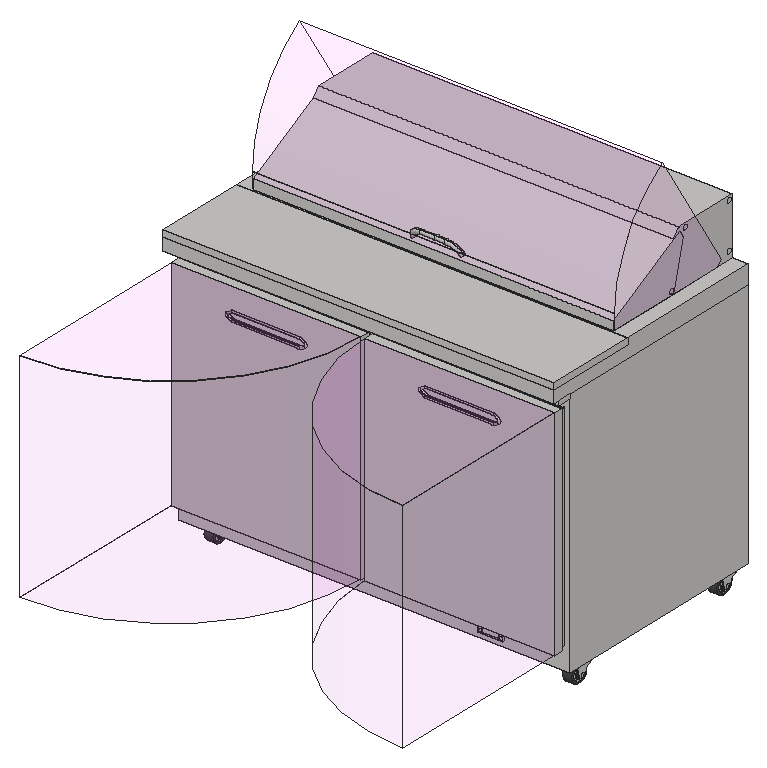
Revit family "QF_Kelvinator_738256_KCHST48.12", category Specialty Equipment, Revit 2021
Family settings
  Round Connector Dimension = Use Diameter
  Part Type = Normal
  Work Plane-Based = No
  Always vertical = Yes
  Cut with Voids When Loaded = No
  Shared = No
  Room Calculation Point = No
Parameters
  Weight in Pounds = 222.667
  Weight = 101.00 lbm
  Watts = 0 W
  Volts = 115 V
  URL Manufacturer = "KELVINATOR"
  URL Cutsheet = ""
  URL = "KELVINATOR"
  Specification by User = ""
  Specification by Manufacturer = ""
  Serial Number = ""
  Seismic Rating = ""
  SMACNA No = ""
  Revision Code = ""
  Refrigerant Type = "R290"
  Phase = 1
  Number of Poles = 1
  NAFEM Spec ID Number = ""
  Model = "KCHST48.12"
  Min Ckt Ampacity = 0 A
  Max Overcurrent Protection = 0 A
  Masterspec = ""
  Manufacturer = "Kelvinator"
  Length Actual = 1225"
  Length = 48 1/4"
  Item Number = "738256"
  Installed By = ""
  Identify Quantity as Lot = yes
  Height Actual = 1100"
  Height = 43 5/16"
  HP = "1 HP"
  Gas KW = 0
  Furnished By = ""
  Foodservice Equipment Identifier = yes
  FL Amps = 4.3 A
  Electrical Remarks = ""
  Electric Connection Type = ""
  Elec Conn RI Height = 0"
  Elec Conn Connection Height = 0"
  Description = "2-DOOR SANDWICH/SALAD PREP TABLE 48\" LONG 12-1/6 PAN"
  Depth Actual = 760"
  Depth = 29 15/16"
  Default Elevation = 0"
  Cycle = 60 Hz
  Conn Plug = "5-15P"
  Conn Conduit = yes
  CSI MasterFormat = ""
  Apparent Power = 0 VA
  Accessory = no
Reference planes (in)
  plane 1 "BACK": y = 0
  plane 2: z = 0
  plane 3 "LEFT": x = 0
  plane 4 "RIGHT": x = 48.25
  plane 5 "FRONT": y = -29.9375
  plane 6 "TOP": z = 43.3125
  plane 7 "Center Y": x = 24.125
  plane 8 "Center X": y = -14.96875
Dimensions and locks (in)
  equal spacing: plane 3 "LEFT", plane 7 "Center Y", plane 4 "RIGHT"
  "Length": plane 3 "LEFT" to plane 4 "RIGHT"
  equal spacing: plane 5 "FRONT", plane 8 "Center X", plane 1 "BACK"
  "Depth": plane 5 "FRONT" to plane 1 "BACK"
  "Height": plane 6 "TOP" to level
  aligned and locked: level to plane 2
Nested families (in)
  nested 1: "KCHST" at (0, 0, 0), type "KCHST"
    with Show Clearance yes
Connectors (in)
  electrical at (24.125, -0.87772, 2.31881), driven by "Volts", driven by "Watts"
    settings: on nested 1, index 1, voltage 115 V, apparent load 0 VA, apparent load phase1 0 VA, apparent load phase2 0 VA, apparent load phase3 0 VA, power factor 1, load classification "Power", number of poles 1, system type 30, power factor state 1, is connector primary yes, connector utility no, sub classification motor no, connector description "Electrical Connection"
Definition of nested family "KCHST"
  Parameters (values of type "KCHST")
    Weight in Pounds = 0
    URL Cutsheet = ""
    Specification by User = ""
    Specification by Manufacturer = ""
    Show Clearance [instance] = yes
    Serial Number = ""
    Seismic Rating = ""
    SMACNA No = ""
    Revision Code = ""
    NAFEM Spec ID Number = ""
    Masterspec = ""
    Length = 48 1/4"
    Item Number = ""
    Installed By = ""
    Identify Quantity as Lot = yes
    Height = 43 5/16"
    Furnished By = ""
    Foodservice Equipment Identifier = yes
    Depth = 29 15/16"
    Default Elevation = 0"
    CSI MasterFormat = ""
  Reference planes (in)
    plane 1 "BACK": y = 0
    plane 2: z = 0
    plane 3 "LEFT": x = 0
    plane 4 "RIGHT": x = 48.25
    plane 5 "FRONT": y = -29.9375
    plane 6 "TOP": z = 43.3125
    plane 7 "Center Y": x = 24.125
    plane 8 "Center X": y = -14.96875
    plane 9: z = 3.1
    plane 10: z = 33.9
    plane 11: y = -18.5
    plane 12: z = 36.2
    plane 13: y = -29.2
    plane 14: z = 32.4
    plane 15: z = 5.6
    plane 16: y = -27.5
    plane 17: x = 46.25
    plane 18: x = 2
    plane 19: x = 0.5
    plane 20: x = 47.75
    plane 21: x = 23.875
    plane 22: x = 0.74536
    plane 23: x = 23.62964
    plane 24: x = 12.1875
    plane 25: x = 47.50464
    plane 26: x = 24.62036
    plane 27: x = 36.0625
    plane 28: x = 46.375
    plane 29: x = 1.875
    plane 30: x = 46.305
    plane 31: x = 0.5
    plane 32: x = 47.75
    plane 33: x = 46.5
    plane 34: x = 1.728
  Forms (in)
    Extrusion 1, solid
      sketch origin (0, 0, 0) x (0, 1, 0) y (0, 0, 1)
        loop
          line (-27.5, 33.9) -> (-27.5, 3.1) -> (0, 3.1) -> (0, 33.9) -> (-27.5, 33.9)
      from 0 to 48.25
    Extrusion 2, solid
      sketch origin (0, 0, 0) x (0, 1, 0) y (0, 0, 1)
        loop
          line (-18.5, 36.2) -> (-18.5, 35.45) -> (-29.9375, 35.45) -> (-29.9375, 33.9) -> (0, 33.9) -> (0, 36.2) -> (-18.5, 36.2)
      from 0 to 48.25
    Extrusion 3, solid
      sketch origin (0, 0, 0) x (0, 1, 0) y (0, 0, 1)
        loop
          line (-29.9375, 36.2) -> (-29.9375, 35.45) -> (-18.5, 35.45) -> (-18.5, 36.2) -> (-29.9375, 36.2)
      from 0 to 48.25
    Extrusion 4, solid
      sketch origin (0, 0, 0) x (0, 1, 0) y (0, 0, 1)
        loop
          line (-18.25, 36.2) -> (-9.6566, 36.2003)
          arc (-9.6566, 36.2003) -> (-9.31626, 36.30019) -> (-9.07232, 36.55768) r 0.68096
          line (-9.07232, 36.55768) -> (-7.67285, 41.90557) -> (-8.10536, 42.719) -> (-18.25, 37.325) -> (-18.25, 36.2)
      from 1.875 to 46.375
    Extrusion 5, solid
      sketch origin (0, 0, 0) x (0, 1, 0) y (0, 0, 1)
        loop
          line (-9.65659, 36.2) -> (0, 36.2) -> (0, 43.3125) -> (-8.25, 43.3125) -> (-8.99785, 42.24445) -> (-8.10536, 42.719) -> (-7.67285, 41.90557) -> (-9.07232, 36.55768)
          arc (-9.07232, 36.55768) -> (-9.31626, 36.30019) -> (-9.65659, 36.2) r 0.68096
      from 1.945 to 46.305
    Extrusion 6, solid
      sketch origin (46.375, 0, 0) x (0, 1, 0) y (0, 0, 1)
        loop
          circle (-9.51178, 36.72547) r 0.25
      from 0 to 0.07437
    Extrusion 7, solid
      sketch origin (46.305, -0.03482, 0) x (0, 1, 0) y (0, 0, 1)
        loop
          circle (-0.51178, 37.22547) r 0.25
      from 0 to 0.07
    Extrusion 8, solid
      sketch origin (46.305, -0.03482, 0) x (0, 1, 0) y (0, 0, 1)
        loop
          circle (-0.51178, 42.85047) r 0.25
      from 0 to 0.07
    Extrusion 9, solid
      sketch origin (46.305, -0.03482, 0) x (0, 1, 0) y (0, 0, 1)
        loop
          circle (-7.26178, 42.85047) r 0.25
      from 0 to 0.07
    Extrusion 10, solid
      sketch origin (1.875, 0, 0) x (0, -1, 0) y (0, 0, 1)
        loop
          circle (9.51178, 36.72547) r 0.25
      from 0 to 0.07437
    Extrusion 11, solid
      sketch origin (1.945, 0, 0) x (0, -1, 0) y (0, 0, 1)
        loop
          circle (0.5466, 37.22547) r 0.25
      from 0 to 0.07
    Extrusion 12, solid
      sketch origin (1.945, 0, 0) x (0, -1, 0) y (0, 0, 1)
        loop
          circle (0.5466, 42.85047) r 0.25
      from 0 to 0.07
    Extrusion 13, solid
      sketch origin (1.945, 0, 0) x (0, -1, 0) y (0, 0, 1)
        loop
          circle (7.2966, 42.85047) r 0.25
      from 0 to 0.07
    Sweep 14, solid
      path origin (0, 15.38088, 12.95025) x (1, 0, 0) y (0, -0.469472, 0.882948)
        loop
          line (21.8125, 37.02813) -> (21.8125, 37.18438)
          arc (21.8125, 37.18438) -> (22.03217, 37.71471) -> (22.5625, 37.93438) r 0.75
          line (22.5625, 37.93438) -> (24.4375, 37.93438) -> (25.6875, 37.93438)
          arc (25.6875, 37.93438) -> (26.21783, 37.71471) -> (26.4375, 37.18438) r 0.75
          line (26.4375, 37.18438) -> (26.4375, 37.02813)
      profile origin (25.0625, -2.42823, 46.44432) x (0, -0.469472, 0.882948) y (0, -0.882948, -0.469472)
        loop
          circle (0.69146, 17.59878) r 0.25
    Extrusion 15, solid
      sketch origin (0, 0, 0) x (0, 1, 0) y (0, 0, 1)
        loop
          line (-29.2, 33.9) -> (-29.2, 33.4) -> (-27.5, 33.4) -> (-27.5, 33.9) -> (-29.2, 33.9)
      from 0 to 48.25
    Extrusion 16, solid
      sketch origin (24.125, 6.90541, 48) x (0, 1, 0) y (0, 0, 1)
        loop
          line (-36.10541, -15.6) -> (-36.10541, -42.4) -> (-34.95211, -42.4) -> (-34.95211, -15.6) -> (-36.10541, -15.6)
      from -0.25 to -23.625
    Extrusion 17, solid
      sketch origin (0, 0, 0) x (0, 1, 0) y (0, 0, 1)
        loop
          line (-28.04671, 32.20449) -> (-28.04671, 5.81322) -> (-27.79671, 5.81322) -> (-27.79671, 32.20449) -> (-28.04671, 32.20449)
      from 0.74536 to 23.62964
    Extrusion 18, solid
      sketch origin (0, 0.25, 0) x (0, 1, 0) y (0, 0, 1)
        loop
          line (-28.04671, 32.20449) -> (-28.04671, 5.81322) -> (-27.864, 5.81322) -> (-27.864, 32.20449) -> (-28.04671, 32.20449)
      from 0.74536 to 23.62964
    Extrusion 19, solid
      sketch origin (0, 0.4327, 0) x (0, 1, 0) y (0, 0, 1)
        loop
          line (-28.04671, 32.20449) -> (-28.04671, 5.81322) -> (-27.9327, 5.81322) -> (-27.9327, 32.20449) -> (-28.04671, 32.20449)
      from 0.74536 to 23.62964
    Extrusion 20, solid
      sketch origin (-5.72957, -27.5, -4.77927) x (-1, 0, 0) y (0, 0, 1)
        loop
          line (-42.67533, 9.70772) -> (-45.82493, 9.70772) -> (-45.82493, 8.52662) -> (-42.67533, 8.52662) -> (-42.67533, 9.70772)
        loop
          line (-42.75407, 9.63107) -> (-43.14777, 9.63107) -> (-43.14777, 9.31193) -> (-42.75407, 9.31193) -> (-42.75407, 9.63107)
        loop
          line (-42.75407, 9.27674) -> (-43.14777, 9.27674) -> (-43.14777, 8.9576) -> (-42.75407, 8.9576) -> (-42.75407, 9.27674)
        loop
          line (-42.75407, 8.92241) -> (-43.14777, 8.92241) -> (-43.14777, 8.60327) -> (-42.75407, 8.60327) -> (-42.75407, 8.92241)
        loop
          line (-45.74619, 9.63107) -> (-45.74619, 9.31193) -> (-45.35249, 9.31193) -> (-45.35249, 9.63107) -> (-45.74619, 9.63107)
        loop
          line (-45.74619, 9.27674) -> (-45.74619, 8.9576) -> (-45.35249, 8.9576) -> (-45.35249, 9.27674) -> (-45.74619, 9.27674)
        loop
          line (-45.74619, 8.92241) -> (-45.74619, 8.60327) -> (-45.35249, 8.60327) -> (-45.35249, 8.92241) -> (-45.74619, 8.92241)
        loop
          line (-43.22525, 9.63107) -> (-45.27501, 9.63107) -> (-45.27501, 8.60716) -> (-43.22525, 8.60716) -> (-43.22525, 9.63107)
      from 0.07874 to -0.04602
    Extrusion 21, solid
      sketch origin (-5.72957, -27.54602, -4.77927) x (1, 0, 0) y (0, 0, 1)
        loop
          line (45.35249, 9.63107) -> (45.35249, 9.31193) -> (45.74619, 9.31193) -> (45.74619, 9.63107) -> (45.35249, 9.63107)
        loop
          line (45.35249, 9.27674) -> (45.35249, 8.9576) -> (45.74619, 8.9576) -> (45.74619, 9.27674) -> (45.35249, 9.27674)
        loop
          line (45.35249, 8.92241) -> (45.35249, 8.60327) -> (45.74619, 8.60327) -> (45.74619, 8.92241) -> (45.35249, 8.92241)
        loop
          line (43.14777, 9.63107) -> (42.75407, 9.63107) -> (42.75407, 9.31193) -> (43.14777, 9.31193) -> (43.14777, 9.63107)
        loop
          line (43.14777, 9.27674) -> (42.75407, 9.27674) -> (42.75407, 8.9576) -> (43.14777, 8.9576) -> (43.14777, 9.27674)
        loop
          line (43.14777, 8.92241) -> (42.75407, 8.92241) -> (42.75407, 8.60327) -> (43.14777, 8.60327) -> (43.14777, 8.92241)
      from 0 to -0.07874
    Extrusion 22, solid
      sketch origin (-5.72957, -27.54602, -4.77927) x (1, 0, 0) y (0, 0, 1)
        loop
          line (43.22525, 9.63107) -> (43.22525, 8.60716) -> (45.27501, 8.60716) -> (45.27501, 9.63107) -> (43.22525, 9.63107)
      from 0 to -0.07874
    Extrusion 23, void
      sketch origin (-5.72957, -27.5, -4.77927) x (-1, 0, 0) y (0, 0, 1)
        loop
          line (-42.67533, 9.70772) -> (-45.82493, 9.70772) -> (-45.82493, 8.52662) -> (-42.67533, 8.52662) -> (-42.67533, 9.70772)
      from 0 to 0.07874
    Extrusion 24, void
      sketch origin (-37.40318, -29.19996, 31.5181) x (0, 0, 1) y (1, 0, 0)
        loop
          line (-1.94791, 45.41568) -> (-1.94791, 53.76568) -> (-2.28604, 54.30668)
          arc (-2.28604, 54.30668) -> (-2.38541, 54.36176) -> (-2.48479, 54.30668) r 0.11719
          line (-2.48479, 54.30668) -> (-2.82291, 53.76568) -> (-2.82291, 45.41568) -> (-2.48621, 44.87696)
          arc (-2.48621, 44.87696) -> (-2.38541, 44.82109) -> (-2.28462, 44.87696) r 0.11887
          line (-2.28462, 44.87696) -> (-1.94791, 45.41568)
      from 0 to 0.31887
    Sweep 25, solid
      path origin (-37.40318, -26.39996, 31.5181) x (0, 0, -1) y (1, 0, 0)
        loop
          line (2.82291, 53.76568) -> (2.48479, 54.30668)
          arc (2.48479, 54.30668) -> (2.38541, 54.36176) -> (2.28604, 54.30668) r 0.11719
          line (2.28604, 54.30668) -> (1.94791, 53.76568) -> (1.94791, 45.41568) -> (2.28462, 44.87696)
          arc (2.28462, 44.87696) -> (2.38541, 44.82109) -> (2.48621, 44.87696) r 0.11887
          line (2.48621, 44.87696) -> (2.82291, 45.41568) -> (2.82291, 53.76568)
      profile origin (12.1875, -26.39996, 28.69519) x (0, 0, -1) y (0, -1, 0)
        loop
          line (0, 2.8) -> (0.25, 2.8)
          arc (0.25, 2.8) -> (0.125, 2.85269) -> (0, 2.8) r 0.17461
    Extrusion 26, solid
      sketch origin (-9.65625, -3.56521, 3.1) x (-1, 0, 0) y (0, 1, 0)
        loop
          circle (-33.78125, 2.68749) r 0.25
      from 0 to 0.78119
    Extrusion 27, solid
      sketch origin (24.125, 6.90541, 48) x (0, 1, 0) y (0, 0, -1)
        loop
          line (-36.10541, 15.6) -> (-34.95211, 15.6) -> (-34.95211, 42.4) -> (-36.10541, 42.4) -> (-36.10541, 15.6)
      from -0.25 to -23.625
    Extrusion 28, solid
      sketch origin (48.25, 0, 0) x (0, 1, 0) y (0, 0, -1)
        loop
          line (-28.04671, -32.20449) -> (-27.79671, -32.20449) -> (-27.79671, -5.81322) -> (-28.04671, -5.81322) -> (-28.04671, -32.20449)
      from 0.74536 to 23.62964
    Extrusion 29, solid
      sketch origin (48.25, 0.25, 0) x (0, 1, 0) y (0, 0, -1)
        loop
          line (-28.04671, -32.20449) -> (-27.864, -32.20449) -> (-27.864, -5.81322) -> (-28.04671, -5.81322) -> (-28.04671, -32.20449)
      from 0.74536 to 23.62964
    Extrusion 30, solid
      sketch origin (48.25, 0.4327, 0) x (0, 1, 0) y (0, 0, -1)
        loop
          line (-28.04671, -32.20449) -> (-27.9327, -32.20449) -> (-27.9327, -5.81322) -> (-28.04671, -5.81322) -> (-28.04671, -32.20449)
      from 0.74536 to 23.62964
    Extrusion 31, void
      sketch origin (85.65318, -29.19996, 31.5181) x (0, 0, 1) y (1, 0, 0)
        loop
          line (-1.94791, -45.41568) -> (-2.28462, -44.87696)
          arc (-2.28462, -44.87696) -> (-2.38541, -44.82109) -> (-2.48621, -44.87696) r 0.11887
          line (-2.48621, -44.87696) -> (-2.82291, -45.41568) -> (-2.82291, -53.76568) -> (-2.48479, -54.30668)
          arc (-2.48479, -54.30668) -> (-2.38541, -54.36176) -> (-2.28604, -54.30668) r 0.11719
          line (-2.28604, -54.30668) -> (-1.94791, -53.76568) -> (-1.94791, -45.41568)
      from 0 to 0.31887
    Sweep 32, solid
      path origin (85.65318, -26.39996, 31.5181) x (0, 0, -1) y (1, 0, 0)
        loop
          line (2.82291, -53.76568) -> (2.82291, -45.41568) -> (2.48621, -44.87696)
          arc (2.48621, -44.87696) -> (2.38541, -44.82109) -> (2.28462, -44.87696) r 0.11887
          line (2.28462, -44.87696) -> (1.94791, -45.41568) -> (1.94791, -53.76568) -> (2.28604, -54.30668)
          arc (2.28604, -54.30668) -> (2.38541, -54.36176) -> (2.48479, -54.30668) r 0.11719
          line (2.48479, -54.30668) -> (2.82291, -53.76568)
      profile origin (36.0625, -26.39996, 28.69519) x (0, 0, 1) y (0, -1, 0)
        loop
          arc (0, 2.8) -> (-0.125, 2.85269) -> (-0.25, 2.8) r 0.17461
          line (-0.25, 2.8) -> (0, 2.8)
    Extrusion 33, solid
      sketch origin (1.875, -0.00825, 0) x (0, 1, 0) y (0, 0, -1)
        loop
          circle (-9.51178, -36.72547) r 0.25
      from 0 to 0.07437
    Extrusion 34, solid
      sketch origin (1.945, -0.03482, 0) x (0, 1, 0) y (0, 0, -1)
        loop
          circle (-0.51178, -37.22547) r 0.25
      from 0 to 0.07
    Extrusion 35, solid
      sketch origin (1.945, -0.03482, 0) x (0, 1, 0) y (0, 0, -1)
        loop
          circle (-0.51178, -42.85047) r 0.25
      from 0 to 0.07
    Extrusion 36, solid
      sketch origin (1.945, -0.03482, 0) x (0, 1, 0) y (0, 0, -1)
        loop
          circle (-7.26178, -42.85047) r 0.25
      from 0 to 0.07
    Extrusion 37, solid
      sketch origin (0, 9.61225, 5.6) x (1, 0, 0) y (0, -1, 0)
        loop
          arc (23.875, 38.81225) -> (17.02862, 55.34087) -> (0.5, 62.18725) r 23.375
          line (0.5, 62.18725) -> (0.5, 38.81225) -> (23.875, 38.81225)
        loop
          line (24.375, 38.81225) -> (47.75, 38.81225) -> (47.75, 62.18725)
          arc (47.75, 62.18725) -> (31.22138, 55.34087) -> (24.375, 38.81225) r 23.375
      from 0 to -26.8
    Extrusion 38, solid, visible <- "Show Clearance"
      sketch origin (28.9375, 0, 0) x (0, 1, 0) y (0, 0, 1)
        loop
          line (-2.42198, 36.2) -> (-1.74821, 36.8283) -> (-10.94515, 51.62523)
          arc (-10.94515, 51.62523) -> (-16.30726, 45.77958) -> (-18.25, 38.08871) r 16.19461
          line (-18.25, 38.08871) -> (-18.25, 36.2) -> (-2.42198, 36.2)
      from 17.5625 to -27.2095
  Cuts and joins
    Extrusion 23 cuts Extrusion 20
    Extrusion 24, Extrusion 31 cuts Extrusion 16
    Extrusion 31 cuts Extrusion 27
    joined: Extrusion 4, Sweep 14
  Lines and regions (in)
    symbolic lines
      curve 1: line (48.25, -29.9375, 0) -> (48.25, 0, 0)
      curve 2: line (48.25, 0, 0) -> (0, 0, 0)
      curve 3: line (0, 0, 0) -> (0, -29.9375, 0)
      curve 4: line (0, -18.5, 0) -> (22.03832, -18.5, 0)
      curve 5: line (0, -29.9375, 0) -> (48.25, -29.9375, 0)
      curve 6: line (0, -18.25, 0) -> (21.30835, -18.25, 0)
      curve 7: line (1.945, -8.99785, 0) -> (46.305, -8.99785, 0)
      curve 8: line (1.945, -8.25, 0) -> (46.305, -8.25, 0)
      curve 9: line (46.305, -8.99785, 0) -> (46.305, 0, 0)
      curve 10: line (46.5, -1.74821, 0) -> (46.305, -1.74821, 0)
      curve 11: line (46.375, -7.51178, 0) -> (46.305, -7.51178, 0)
      curve 12: line (46.375, -7.01178, 0) -> (46.305, -7.01178, 0)
      curve 13: line (46.375, -0.7966, 0) -> (46.305, -0.7966, 0)
      curve 14: line (46.375, -0.2966, 0) -> (46.305, -0.2966, 0)
      curve 15: spline (20.87104, -17.62226, 0) -> (20.87956, -17.56513, 0) -> (20.90453, -17.51189, 0) -> (20.94426, -17.46617, 0) -> (20.99604, -17.43109, 0) -> (21.05634, -17.40904, 0) -> (21.12104, -17.40152, 0) -> (21.18575, -17.40904, 0) -> (21.24604, -17.43109, 0) -> (21.29782, -17.46617, 0) -> (21.33755, -17.51189, 0) -> (21.36252, -17.56513, 0) -> (21.37104, -17.62226, 0)
      curve 16: spline (26.87896, -17.62226, 0) -> (26.88748, -17.56513, 0) -> (26.91245, -17.51189, 0) -> (26.95218, -17.46617, 0) -> (27.00396, -17.43109, 0) -> (27.06425, -17.40904, 0) -> (27.12896, -17.40152, 0) -> (27.19366, -17.40904, 0) -> (27.25396, -17.43109, 0) -> (27.30574, -17.46617, 0) -> (27.34547, -17.51189, 0) -> (27.37044, -17.56513, 0) -> (27.37896, -17.62226, 0)
      curve 17: line (24.136, -18.0415, 0) -> (25.74335, -18.0415, 0)
      curve 18: line (24.136, -18.53489, 0) -> (25.875, -18.53489, 0)
      curve 19: line (27.37896, -17.62226, 0) -> (27.37896, -17.65335, 0)
      curve 20: line (26.87896, -17.62226, 0) -> (26.87896, -17.65335, 0)
      curve 21: arc (26.87896, -17.65335, 0) -> (26.64546, -17.84879, 0) -> (26.35946, -17.95329, 0) r 0.88295
      curve 22: arc (27.37896, -17.65335, 0) -> (27.32166, -17.868, 0) -> (27.19407, -18.04986, 0) r 0.63628
      curve 23: arc (26.35946, -17.95329, 0) -> (26.05454, -18.01934, 0) -> (25.74335, -18.0415, 0) r 2.19561
      curve 24: arc (27.19407, -18.04986, 0) -> (26.94314, -18.24907, 0) -> (26.6541, -18.38727, 0) r 1.4269
      curve 25: arc (26.6541, -18.38727, 0) -> (26.26996, -18.48961, 0) -> (25.875, -18.53489, 0) r 2.72085
      curve 26: line (24.136, -18.0415, 0) -> (22.50665, -18.0415, 0)
      curve 27: line (24.136, -18.53489, 0) -> (22.375, -18.53489, 0)
      curve 28: line (20.87104, -17.62226, 0) -> (20.87104, -17.65335, 0)
      curve 29: line (21.37104, -17.62226, 0) -> (21.37104, -17.65335, 0)
      curve 30: arc (21.37104, -17.65335, 0) -> (21.60454, -17.84879, 0) -> (21.89054, -17.95329, 0) r 0.88295
      curve 31: arc (20.87104, -17.65335, 0) -> (20.92834, -17.868, 0) -> (21.05593, -18.04986, 0) r 0.63628
      curve 32: arc (21.89054, -17.95329, 0) -> (22.19546, -18.01934, 0) -> (22.50665, -18.0415, 0) r 2.19561
      curve 33: arc (21.05593, -18.04986, 0) -> (21.30686, -18.24907, 0) -> (21.5959, -18.38727, 0) r 1.4269
      curve 34: arc (21.5959, -18.38727, 0) -> (21.98004, -18.48961, 0) -> (22.375, -18.53489, 0) r 2.72085
      curve 35: line (26.94165, -18.25, 0) -> (48.25, -18.25, 0)
      curve 36: line (26.21168, -18.5, 0) -> (48.25, -18.5, 0)
      curve 37: line (46.375, -7.01178, 0) -> (46.375, -7.51178, 0)
      curve 38: line (46.5, -1.74821, 0) -> (46.5, -18.25, 0)
      curve 39: line (46.375, -0.7966, 0) -> (46.375, -0.2966, 0)
      curve 40: line (1.945, -8.99785, 0) -> (1.945, 0, 0)
      curve 41: line (1.875, -9.26178, 0) -> (1.80063, -9.26178, 0)
      curve 42: line (1.875, -9.76178, 0) -> (1.80063, -9.76178, 0)
      curve 43: line (1.875, -0.7966, 0) -> (1.945, -0.7966, 0)
      curve 44: line (1.875, -0.2966, 0) -> (1.945, -0.2966, 0)
      curve 45: line (1.728, -1.74821, 0) -> (1.728, -18.25, 0)
      curve 46: line (1.80063, -9.26178, 0) -> (1.80063, -9.76178, 0)
      curve 47: line (1.875, -0.7966, 0) -> (1.875, -0.2966, 0)
      curve 48: arc (23.86336, -29.9375, 0) -> (22.89064, -35.91193, 0) -> (20.41644, -41.43626, 0) r 23.375
      curve 49: arc (27.83356, -41.43626, 0) -> (25.35936, -35.91193, 0) -> (24.38664, -29.9375, 0) r 23.375
      curve 50: line (0.5, -29.9375, 0) -> (20.41644, -41.43626, 0)
      curve 51: line (47.75, -29.9375, 0) -> (27.83356, -41.43626, 0)
      curve 52: line (1.875, -7.51178, 0) -> (1.945, -7.51178, 0)
      curve 53: line (1.875, -7.01178, 0) -> (1.945, -7.01178, 0)
      curve 54: line (1.875, -7.01178, 0) -> (1.875, -7.51178, 0)
      curve 55: line (1.75, -1.74821, 0) -> (1.945, -1.74821, 0)
      curve 56: line (1.728, -10.94515, 0) -> (46.5, -10.94515, 0)
  Dimensions and locks (in)
    equal spacing: plane 3 "LEFT", plane 7 "Center Y", plane 4 "RIGHT"
    "Length": plane 3 "LEFT" to plane 4 "RIGHT"
    equal spacing: plane 5 "FRONT", plane 8 "Center X", plane 1 "BACK"
    "Depth": plane 5 "FRONT" to plane 1 "BACK"
    "Height": plane 6 "TOP" to level
    level to plane 9 = 3.1"
    plane 10 to plane 9 = 30.8"
    plane 6 "TOP" to plane 10 = 9.4125"
    plane 5 "FRONT" to plane 1 "BACK" = 29 15/16"
    plane 11 to plane 1 "BACK" = 18 1/2"
    plane 10 to plane 12 = 2.3"
    plane 15 to plane 14 = 26.8"
    locked: plane 4 "RIGHT" to plane 17 at 2
    locked: plane 3 "LEFT" to plane 18 at 2
    plane 19 to plane 20 = 47 1/4"
    plane 29 to plane 28 = 44 1/2"
    aligned and locked: level to plane 2
    aligned and locked: plane 17 to nested 3
    aligned and locked: plane 17 to nested 1
    aligned and locked: nested 4 to plane 18
    aligned and locked: nested 2 to plane 18
    aligned and locked: Extrusion 1 to plane 4 "RIGHT"
    aligned and locked: Extrusion 2 to plane 4 "RIGHT"
    aligned and locked: Extrusion 15 to plane 4 "RIGHT"
    aligned and locked: Extrusion 3 to plane 4 "RIGHT"
    aligned and locked: cut or joined group of Extrusion 16, Extrusion 24, Extrusion 31 to plane 19
    aligned and locked: plane 21 to cut or joined group of Extrusion 16, Extrusion 24, Extrusion 31
    aligned and locked: Extrusion 18 to plane 23
    aligned and locked: Extrusion 17 to plane 23
    aligned and locked: Extrusion 19 to plane 23
    aligned and locked: plane 26 to Extrusion 29
    aligned and locked: plane 26 to Extrusion 28
    aligned and locked: plane 26 to Extrusion 30
    aligned and locked: cut or joined group of Extrusion 4, Sweep 14 to plane 28
    aligned and locked: plane 29 to cut or joined group of Extrusion 4, Sweep 14
    aligned and locked: Extrusion 5 to plane 30
  Automatic sketch dimensions
    plane 9 to Extrusion 1 sketch curve = 0"
    Extrusion 1 sketch curve to plane 16 = 0"
    Extrusion 1 sketch curve to plane 1 "BACK" = 0"
    Extrusion 1 sketch curve to plane 10 = 0"
    Extrusion 2 sketch curve to plane 5 "FRONT" = 0"
    Extrusion 2 sketch curve to plane 11 = 0"
    Extrusion 2 sketch curve to plane 1 "BACK" = 0"
    Extrusion 2 sketch curve to plane 10 = 0"
    plane 12 to Extrusion 2 sketch curve = 0"
    plane 12 to Extrusion 2 sketch curve = 3/4"
    Extrusion 3 sketch curve to plane 5 "FRONT" = 0"
    Extrusion 3 sketch curve to plane 11 = 0"
    plane 12 to Extrusion 3 sketch curve = 0"
    plane 12 to Extrusion 3 sketch curve = 3/4"
    plane 12 to Extrusion 4 sketch curve = 0"
    Extrusion 4 sketch curve to plane 11 = 1/4"
    Extrusion 4 sketch curve to plane 12 = 0.6811"
    plane 8 "Center X" to Extrusion 4 sketch curve = 5.29717"
    Extrusion 4 sketch curve to plane 12 = 0.35768"
    Extrusion 4 sketch curve to Extrusion 4 sketch curve = 0.59925"
    Extrusion 4 sketch curve to plane 6 "TOP" = 0.5935"
    Extrusion 4 sketch curve to Extrusion 4 sketch curve = 1.56621"
    Extrusion 4 sketch curve to plane 6 "TOP" = 1.40693"
    Extrusion 4 sketch curve to Extrusion 4 sketch curve = 0.43251"
    Extrusion 4 sketch curve to plane 12 = 0.0003"
    Extrusion 4 sketch curve to Extrusion 4 sketch curve = 0"
    plane 12 to Extrusion 5 sketch curve = 0"
    Extrusion 5 sketch curve to plane 6 "TOP" = 0"
    Extrusion 5 sketch curve to plane 1 "BACK" = 0"
    Extrusion 5 sketch curve to plane 6 "TOP" = 1.40693"
    plane 8 "Center X" to Extrusion 5 sketch curve = 7.2959"
    Extrusion 5 sketch curve to plane 6 "TOP" = 0.5935"
    Extrusion 5 sketch curve to Extrusion 5 sketch curve = 0.43251"
    Extrusion 5 sketch curve to Extrusion 5 sketch curve = 0.14464"
    Extrusion 5 sketch curve to plane 6 "TOP" = 1.06805"
    Extrusion 5 sketch curve to plane 12 = 0.35768"
    Extrusion 5 sketch curve to Extrusion 5 sketch curve = 1.39947"
    Extrusion 5 sketch curve to Extrusion 5 sketch curve = 0.59925"
    Extrusion 5 sketch curve to Extrusion 5 sketch curve = 0.32342"
    Extrusion 5 sketch curve to Extrusion 5 sketch curve = 0.01499"
    Extrusion 5 sketch curve to plane 12 = 0.0003"
    Extrusion 15 sketch curve to plane 10 = 0"
    Extrusion 15 sketch curve to plane 13 = 0"
    Extrusion 15 sketch curve to plane 16 = 0"
    Extrusion 15 sketch curve to Extrusion 15 sketch curve = 1/2"
    Extrusion 16 sketch curve to plane 13 = 0"
    plane 15 to Extrusion 16 sketch curve = 0"
    plane 14 to Extrusion 16 sketch curve = 0"
    Extrusion 16 sketch curve to plane 16 = 0.54671"
    Extrusion 17 sketch curve to plane 15 = 0.21322"
    Extrusion 17 sketch curve to plane 16 = 0.54671"
    Extrusion 17 sketch curve to Extrusion 17 sketch curve = 1/4"
    plane 14 to Extrusion 17 sketch curve = 0.19551"
    Extrusion 18 sketch curve to plane 16 = 0.29671"
    Extrusion 18 sketch curve to plane 16 = 0.114"
    Extrusion 18 sketch curve to plane 15 = 0.21322"
    plane 14 to Extrusion 18 sketch curve = 0.19551"
    Extrusion 19 sketch curve to plane 16 = 0"
    Extrusion 19 sketch curve to Extrusion 19 sketch curve = 0.114"
    Extrusion 19 sketch curve to plane 15 = 0.21322"
    plane 14 to Extrusion 19 sketch curve = 0.19551"
    plane 15 to Extrusion 20 sketch curve = 0.67154"
    Extrusion 20 sketch curve to plane 27 = 4.03286"
    Extrusion 20 sketch curve to Extrusion 20 sketch curve = 0.07874"  (x3)
    Extrusion 20 sketch curve to Extrusion 20 sketch curve = 0"  (x8)
    Extrusion 20 sketch curve to Extrusion 20 sketch curve = 0.3937"  (x2)
    Extrusion 20 sketch curve to Extrusion 20 sketch curve = 0.07748"  (x3)
    Extrusion 20 sketch curve to plane 27 = 1.43318"
    Extrusion 20 sketch curve to Extrusion 20 sketch curve = 0.07665"  (x2)
    Extrusion 20 sketch curve to Extrusion 20 sketch curve = 0.31914"  (x6)
    Extrusion 20 sketch curve to Extrusion 20 sketch curve = 0.03519"  (x4)
    Extrusion 20 sketch curve to Extrusion 20 sketch curve = 0.31525"
    Extrusion 20 to Extrusion 21 sketch curve = 0"  (x10)
    Extrusion 21 sketch curve to Extrusion 20 = 0"  (x14)
    Extrusion 22 sketch curve to Extrusion 20 = 0"  (x3)
    Extrusion 20 to Extrusion 22 sketch curve = 0"
    plane 15 to Extrusion 23 sketch curve = 0.67154"
    Extrusion 23 sketch curve to plane 27 = 4.03286"
    Extrusion 23 sketch curve to plane 27 = 0.88326"
    Extrusion 23 sketch curve to plane 9 = 0.64735"
    plane 14 to Extrusion 24 sketch curve = 3.70481"
    Extrusion 24 sketch curve to Extrusion 24 sketch curve = 0.3367"
    Extrusion 24 sketch curve to Extrusion 24 sketch curve = 0.33813"  (x2)
    Extrusion 24 sketch curve to Extrusion 24 sketch curve = 0.09937"  (x2)
    Extrusion 24 sketch curve to Extrusion 24 sketch curve = 0.1008"  (x2)
    Extrusion 24 sketch curve to plane 24 = 4.71372"
    Extrusion 24 sketch curve to Extrusion 24 sketch curve = 0.063"
    Extrusion 24 sketch curve to Extrusion 24 sketch curve = 0.53872"  (x2)
    plane 24 to Extrusion 24 sketch curve = 4.175"
    Extrusion 24 sketch curve to Extrusion 24 sketch curve = 0"
    Extrusion 24 sketch curve to Extrusion 24 sketch curve = 0.47889"
    Extrusion 24 sketch curve to Extrusion 24 sketch curve = 0.06211"
    plane 14 to Sweep 25 sketch curve = 2.82981"
    Sweep 25 sketch curve to Sweep 25 sketch curve = 0.3367"
    Sweep 25 sketch curve to Sweep 25 sketch curve = 0.33813"  (x2)
    Sweep 25 sketch curve to Sweep 25 sketch curve = 0.09937"  (x2)
    Sweep 25 sketch curve to Sweep 25 sketch curve = 0.1008"  (x2)
    Sweep 25 sketch curve to plane 24 = 4.71372"
    Sweep 25 sketch curve to Sweep 25 sketch curve = 0.063"
    Sweep 25 sketch curve to Sweep 25 sketch curve = 0.53872"  (x2)
    plane 24 to Sweep 25 sketch curve = 4.175"
    Sweep 25 sketch curve to Sweep 25 sketch curve = 0"
    Sweep 25 sketch curve to Sweep 25 sketch curve = 0.47889"
    Sweep 25 sketch curve to Sweep 25 sketch curve = 0.06211"
    Sweep 25 sketch curve to profile plane = 0"
    Sweep 25 sketch curve to profile plane = 1/8"
    profile plane to Sweep 25 sketch curve = 2.67809"
    Sweep 25 sketch curve to Sweep 25 sketch curve = 0.12191"
    Extrusion 27 sketch curve to plane 13 = 0"
    plane 15 to Extrusion 27 sketch curve = 0"
    plane 14 to Extrusion 27 sketch curve = 0"
    Extrusion 27 sketch curve to plane 16 = 0.54671"
    Extrusion 28 sketch curve to plane 15 = 0.21322"
    Extrusion 28 sketch curve to plane 16 = 0.54671"
    Extrusion 28 sketch curve to Extrusion 28 sketch curve = 1/4"
    plane 14 to Extrusion 28 sketch curve = 0.19551"
    Extrusion 29 sketch curve to plane 16 = 0.29671"
    Extrusion 29 sketch curve to plane 16 = 0.114"
    plane 14 to Extrusion 29 sketch curve = 0.19551"
    Extrusion 29 sketch curve to plane 15 = 0.21322"
    Extrusion 30 sketch curve to plane 16 = 0"
    Extrusion 30 sketch curve to Extrusion 30 sketch curve = 0.114"
    plane 14 to Extrusion 30 sketch curve = 0.19551"
    Extrusion 30 sketch curve to plane 15 = 0.21322"
    plane 14 to Extrusion 31 sketch curve = 3.70481"
    Extrusion 31 sketch curve to Extrusion 31 sketch curve = 0.3367"
    Extrusion 31 sketch curve to Extrusion 31 sketch curve = 0.33813"  (x2)
    Extrusion 31 sketch curve to Extrusion 31 sketch curve = 0.09937"  (x2)
    Extrusion 31 sketch curve to Extrusion 31 sketch curve = 0.1008"  (x2)
    plane 27 to Extrusion 31 sketch curve = 4.716"
    Extrusion 31 sketch curve to Extrusion 31 sketch curve = 0.06211"
    Extrusion 31 sketch curve to Extrusion 31 sketch curve = 0.541"  (x2)
    Extrusion 31 sketch curve to plane 27 = 4.175"
    Extrusion 31 sketch curve to Extrusion 31 sketch curve = 0"
    Extrusion 31 sketch curve to Extrusion 31 sketch curve = 0.47572"
    Extrusion 31 sketch curve to Extrusion 31 sketch curve = 0.063"
    plane 14 to Sweep 32 sketch curve = 2.82981"
    Sweep 32 sketch curve to Sweep 32 sketch curve = 0.3367"
    Sweep 32 sketch curve to Sweep 32 sketch curve = 0.33813"  (x2)
    Sweep 32 sketch curve to Sweep 32 sketch curve = 0.09937"  (x2)
    Sweep 32 sketch curve to Sweep 32 sketch curve = 0.1008"  (x2)
    plane 27 to Sweep 32 sketch curve = 4.716"
    Sweep 32 sketch curve to Sweep 32 sketch curve = 0.06211"
    Sweep 32 sketch curve to Sweep 32 sketch curve = 0.541"  (x2)
    Sweep 32 sketch curve to plane 27 = 4.175"
    Sweep 32 sketch curve to Sweep 32 sketch curve = 0"
    Sweep 32 sketch curve to Sweep 32 sketch curve = 0.47572"
    Sweep 32 sketch curve to Sweep 32 sketch curve = 0.063"
    profile plane to Sweep 32 sketch curve = 0"
    profile plane to Sweep 32 sketch curve = 1/8"
    profile plane to Sweep 32 sketch curve = 2.67809"
    Sweep 32 sketch curve to Sweep 32 sketch curve = 0.12191"
    Extrusion 33 sketch curve to plane 12 = 0.52547"
    plane 8 "Center X" to Extrusion 33 sketch curve = 5.44872"
    plane 1 "BACK" to Extrusion 34 sketch curve = 0.5466"
    Extrusion 34 sketch curve to plane 12 = 1.02547"
    plane 1 "BACK" to Extrusion 35 sketch curve = 0.5466"
    Extrusion 35 sketch curve to plane 6 "TOP" = 0.46203"
    Extrusion 36 sketch curve to plane 6 "TOP" = 0.46203"
    plane 1 "BACK" to Extrusion 36 sketch curve = 7.2966"
    plane 12 to Extrusion 38 sketch curve = 0"
    Extrusion 38 sketch curve to plane 11 = 1/4"
    plane 8 "Center X" to Extrusion 38 sketch curve = 4.0236"
    plane 1 "BACK" to Extrusion 38 sketch curve = 2.42198"
    Extrusion 38 sketch curve to Extrusion 38 sketch curve = 0.3666"
    Extrusion 38 sketch curve to plane 12 = 0.6283"
    Extrusion 38 sketch curve to Extrusion 38 sketch curve = 0.67377"
    Extrusion 38 sketch curve to Extrusion 38 sketch curve = 1.2604"
    Extrusion 6 sketch curve to Extrusion 4 = 0.52547"
    Extrusion 6 sketch curve to Extrusion 4 = 8.73822"
    Extrusion 7 sketch curve to Extrusion 5 = 0.5466"
    Extrusion 7 sketch curve to Extrusion 5 = 1.02547"
    Extrusion 8 sketch curve to Extrusion 5 = 0.5466"
    Extrusion 8 sketch curve to Extrusion 5 = 0.46203"
    Extrusion 9 sketch curve to Extrusion 5 = 0.46203"
    Extrusion 9 sketch curve to Extrusion 5 = 7.2966"
    Extrusion 10 sketch curve to Extrusion 4 = 0.52547"
    Extrusion 10 sketch curve to Extrusion 4 = 8.73822"
    Extrusion 11 sketch curve to Extrusion 5 = 0.5466"
    Extrusion 11 sketch curve to Extrusion 5 = 1.02547"
    Extrusion 12 sketch curve to Extrusion 5 = 0.5466"
    Extrusion 12 sketch curve to Extrusion 5 = 0.46203"
    Extrusion 13 sketch curve to Extrusion 5 = 0.46203"
    Extrusion 13 sketch curve to Extrusion 5 = 7.2966"
    plane 23 to Sweep 14 sketch curve = 1.81714"
    Sweep 14 sketch curve to Sweep 14 sketch curve = 3/4"  (x2)
    Sweep 14 sketch curve to plane 26 = 0.18286"
    plane 26 to Sweep 14 sketch curve = 1.06714"
    Sweep 14 sketch curve to Sweep 14 sketch curve = 5/32"  (x2)
    Sweep 14 sketch curve to profile plane = 0.69146"
    profile plane to Sweep 14 sketch curve = 17.59878"
    Extrusion 1 to Extrusion 26 sketch curve = 0.87772"
    Extrusion 26 sketch curve to Extrusion 1 = 24 1/8"
    Extrusion 37 sketch curve to plane 13 = 0"  (x2)
    Extrusion 37 sketch curve to plane 19 = 0"
    Extrusion 37 sketch curve to plane 21 = 0"
    Extrusion 37 sketch curve to plane 20 = 0"
    Extrusion 37 sketch curve to plane 26 = 0.24536"
    curve 3 to plane 3 "LEFT" = 0"
    plane 5 "FRONT" to curve 50 = 0"
    curve 50 to plane 19 = 0"
    curve 48 to plane 13 = 0"
    curve 48 to plane 19 = 0"
    curve 56 to plane 34 = 0"
    curve 43 to plane 29 = 0"
    curve 54 to plane 29 = 0"
    curve 42 to plane 29 = 0"
    curve 41 to plane 29 = 0"
    plane 1 "BACK" to curve 40 = 0"
    plane 11 to curve 4 = 0"
    plane 11 to curve 36 = 0"
    curve 14 to plane 30 = 0"
    curve 37 to plane 28 = 0"
    curve 39 to plane 28 = 0"
    curve 38 to plane 33 = 0"
    curve 49 to plane 13 = 0"
    curve 49 to plane 20 = 0"
    curve 51 to plane 20 = 0"
    curve 35 to plane 4 "RIGHT" = 0"
    curve 46 to plane 34 = 0.07263"
    plane 18 to curve 40 = 0.055"
    plane 23 to curve 50 = 3.2132"
    curve 28 to plane 11 = 0.87774"
    plane 23 to curve 28 = 2.7586"
    curve 15 to curve 29 = 1/2"
    curve 29 to curve 31 = 0.13396"
    curve 31 to curve 30 = 0.54101"
    curve 30 to curve 33 = 0.01698"
    plane 11 to curve 27 = 0.03489"
    plane 23 to curve 27 = 1.25464"
    plane 23 to curve 34 = 1.14306"
    curve 34 to curve 26 = 0.13165"
    plane 7 "Center Y" to curve 27 = 0.011"
    plane 7 "Center Y" to curve 17 = 0.011"
    curve 17 to plane 11 = 0.4585"
    plane 26 to curve 17 = 1.12298"
    curve 23 to curve 25 = 0.02008"
    curve 23 to curve 18 = 0.13165"
    curve 23 to curve 24 = 0.44366"
    curve 24 to curve 21 = 0.01698"
    curve 21 to curve 22 = 0.54101"
    curve 22 to curve 20 = 0.13396"
    curve 20 to curve 19 = 1/2"
    plane 26 to curve 51 = 3.2132"
    plane 5 "FRONT" to curve 50 = 11.49876"
    curve 48 to curve 51 = 0"
    curve 19 to plane 11 = 0.84665"
    curve 29 to curve 15 = 0.03109"
    curve 28 to curve 15 = 0.03109"
    curve 20 to curve 19 = 0"
    curve 21 to curve 20 = 0.03109"
    curve 29 to curve 31 = 0.02317"
    curve 16 to curve 22 = 0.02317"
    curve 22 to curve 21 = 0.51496"
    curve 31 to curve 30 = 0.51496"
    curve 30 to curve 33 = 0.04514"
    curve 21 to curve 24 = 0.04514"
    curve 32 to plane 8 "Center X" = 0.87714"
    curve 23 to plane 8 "Center X" = 0.87714"
    curve 23 to curve 25 = 0.02957"
    curve 32 to curve 34 = 0.02957"
    plane 8 "Center X" to curve 42 = 5.20697"
    curve 42 to curve 41 = 1/2"
    plane 8 "Center X" to curve 7 = 5.9709"
    curve 7 to curve 54 = 1.48607"
    curve 7 to curve 37 = 1.48607"
    curve 52 to curve 54 = 1/2"
    curve 11 to curve 12 = 1/2"
    plane 1 "BACK" to curve 10 = 1.74821"
    plane 1 "BACK" to curve 47 = 0.7966"
    plane 1 "BACK" to curve 13 = 0.7966"
    plane 1 "BACK" to curve 39 = 0.2966"
    plane 1 "BACK" to curve 44 = 0.2966"
    curve 55 to plane 34 = 0.022"
    curve 33 to curve 31 = 0"
    curve 6 to plane 11 = 1/4"
    curve 24 to curve 25 = 0"
    curve 35 to plane 11 = 1/4"
    curve 56 to curve 7 = 1.9473"
    curve 8 to curve 52 = 0.73822"
    curve 55 to curve 43 = 0.95161"
    curve 45 to curve 55 = 0"
    radius of Extrusion 33 sketch curve = 1/4"
    radius of Extrusion 34 sketch curve = 1/4"
    radius of Extrusion 35 sketch curve = 1/4"
    radius of Extrusion 36 sketch curve = 1/4"
    radius of Extrusion 6 sketch curve = 1/4"
    radius of Extrusion 7 sketch curve = 1/4"
    radius of Extrusion 8 sketch curve = 1/4"
    radius of Extrusion 9 sketch curve = 1/4"
    radius of Extrusion 10 sketch curve = 1/4"
    radius of Extrusion 11 sketch curve = 1/4"
    radius of Extrusion 12 sketch curve = 1/4"
    radius of Extrusion 13 sketch curve = 1/4"
    radius of Sweep 14 sketch curve = 1/4"
    radius of Extrusion 26 sketch curve = 1/4"
  Nested families (in)
    nested 1: "3 INCHES 01_CASTER" at (46.25, -24.75, 0), type "3 INCHES 01_CASTER"
      with Type Mark "", Specification by User "", Revision Code "", Item Number "", Installed By "", Identify Quantity as Lot yes, Furnished By "", Foodservice Equipment Identifier yes, 3 Inches Caster yes
    nested 2: "3 INCHES 01_CASTER" at (2, -24.75, 0), type "3 INCHES 01_CASTER"
      with Type Mark "", Specification by User "", Revision Code "", Item Number "", Installed By "", Identify Quantity as Lot yes, Furnished By "", Foodservice Equipment Identifier yes, 3 Inches Caster yes
    nested 3: "3 INCHES 01_CASTER" at (46.25, -2.375, 0), type "3 INCHES 01_CASTER"
      with Type Mark "", Specification by User "", Revision Code "", Item Number "", Installed By "", Identify Quantity as Lot yes, Furnished By "", Foodservice Equipment Identifier yes, 3 Inches Caster yes
    nested 4: "3 INCHES 01_CASTER" at (2, -2.375, 0), type "3 INCHES 01_CASTER"
      with Type Mark "", Specification by User "", Revision Code "", Item Number "", Installed By "", Identify Quantity as Lot yes, Furnished By "", Foodservice Equipment Identifier yes, 3 Inches Caster yes
  Definition of nested family "3 INCHES 01_CASTER"
    Parameters (values of type "3 INCHES 01_CASTER")
      Weight = ""
      URL Manufacturer = ""
      URL Cutsheet = ""
      URL = ""
      Type Mark [instance] = ""
      Specification by User [instance] = ""
      Specification by Manufacturer = ""
      Serial Number = ""
      Seismic Rating = ""
      SMACNA No = ""
      Revision Code [instance] = ""
      Omniclass Number and Title = ""
      NAFEM Spec ID Number = ""
      Model = ""
      MasterSpec. = ""
      Manufacturer = ""
      Item Number [instance] = ""
      Installed By [instance] = ""
      Identify Quantity as Lot [instance] = yes
      Furnished By [instance] = ""
      Foodservice Equipment Identifier [instance] = yes
      Description = ""
      Default Elevation = 0"
      CSI MasterFormat = ""
      CSI Master Format = ""
      Assembly Code = ""
      3 Inches Caster [instance] = yes
    Reference planes (in)
      plane 1: z = 0
      plane 2 "RIGHT": x = 0
      plane 3 "FRONT": y = 0
      plane 4 "TOP": z = 3.1
    Forms (in)
      Revolve 1, solid, visible <- "3 Inches Caster"
        sketch origin (-1.93794, 0.56004, -1.0041) x (1, 0, 0) y (0, 0, 1)
          loop
            line (0.74055, 2.11347) -> (0.74055, 2.03797) -> (0.79055, 1.98797) -> (0.85055, 1.98797) -> (0.85055, 1.8679) -> (1.235, 1.8679) -> (1.235, 1.7068) -> (1.36441, 1.63209) -> (1.4003, 1.41035) -> (1.34375, 1.41035) -> (1.34375, 1.28535) -> (1.375, 1.28535) -> (1.375, 1.0041) -> (2.48438, 1.0041) -> (2.48438, 1.28535) -> (2.51563, 1.28535) -> (2.51563, 1.41035) -> (2.45908, 1.41035) -> (2.49553, 1.6356) -> (2.62438, 1.70999) -> (2.62438, 1.8679) -> (3.04007, 1.8679) -> (3.04007, 1.98797) -> (3.10007, 1.98797) -> (3.15007, 2.03797) -> (3.15007, 2.11347) -> (0.74055, 2.11347)
          axis (0.74055, 2.11347) -> (3.15007, 2.11347)
        angle from 0 to 360
      Extrusion 2, solid, visible <- "3 Inches Caster"
        sketch origin (-1.93794, 1.35294, -3.2541) x (0, 1, 0) y (0, 0, 1)
          loop
            line (-0.41094, 5.86793) -> (-0.41094, 6.01276) -> (-2.29494, 6.01276) -> (-2.29494, 5.71244) -> (-1.82301, 5.71244)
            arc (-1.82301, 5.71244) -> (-1.00307, 5.59865) -> (-0.19592, 5.41488) r 9.6332
            arc (-0.19592, 5.41488) -> (0.12646, 5.29481) -> (0.42224, 5.11916) r 1.92059
            line (0.42224, 5.11916) -> (0.51314, 5.245)
            arc (0.51314, 5.245) -> (0.27353, 5.42569) -> (0.01201, 5.5729) r 2.25036
            line (0.01201, 5.5729) -> (0.09371, 5.71426)
            arc (0.09371, 5.71426) -> (-0.15272, 5.81043) -> (-0.41094, 5.86793) r 1.73151
        from 1.17357 to 2.70231
      Revolve 3, solid, visible <- "3 Inches Caster"
        sketch origin (0, 1.73858, -3.25) x (0, 1, 0) y (0, 0, 1)
          loop
            line (-1.73858, 6.35) -> (-1.73858, 6.00866) -> (-0.93293, 6.00866) -> (-0.93293, 6.35) -> (-1.73858, 6.35)
          axis (-1.73858, 6.00866) -> (-1.73858, 6.35)
        angle from 0 to 360
      Extrusion 4, solid, visible <- "3 Inches Caster"
        sketch origin (-1.98481, 1.35294, -1.7541) x (0, 1, 0) y (0, 0, 1)
          loop
            line (-2.29494, 4.51276) -> (-2.29494, 4.21244) -> (-2.2074, 4.21244)
            arc (-2.2074, 4.21244) -> (-1.58796, 3.87196) -> (-1.3103, 3.22193) r 1.0835
            arc (-1.3103, 3.22193) -> (-1.27304, 2.98711) -> (-1.19616, 2.76214) r 1.38462
            arc (-1.19616, 2.76214) -> (-0.77704, 2.49744) -> (-0.37393, 2.78593) r 0.44401
            arc (-0.37393, 2.78593) -> (-0.35491, 2.84407) -> (-0.34077, 2.90358) r 0.74034
            arc (-0.34077, 2.90358) -> (-0.07302, 3.38916) -> (0.4279, 3.62699) r 0.90376
            line (0.4279, 3.62699) -> (0.51314, 3.745)
            arc (0.51314, 3.745) -> (0.27353, 3.92569) -> (0.01201, 4.0729) r 2.25036
            line (0.01201, 4.0729) -> (0.09371, 4.21426)
            arc (0.09371, 4.21426) -> (-0.15272, 4.31043) -> (-0.41094, 4.36793) r 1.73151
            line (-0.41094, 4.36793) -> (-0.41094, 4.51276) -> (-2.29494, 4.51276)
        from 2.74918 to 2.90825
      Extrusion 5, solid, visible <- "3 Inches Caster"
        sketch origin (1.98481, 1.35294, -1.7541) x (0, 1, 0) y (0, 0, -1)
          loop
            line (-2.29494, -4.51276) -> (-0.41094, -4.51276) -> (-0.41094, -4.36793)
            arc (-0.41094, -4.36793) -> (-0.15272, -4.31043) -> (0.09371, -4.21426) r 1.73151
            line (0.09371, -4.21426) -> (0.01201, -4.0729)
            arc (0.01201, -4.0729) -> (0.27353, -3.92569) -> (0.51314, -3.745) r 2.25036
            line (0.51314, -3.745) -> (0.4279, -3.62699)
            arc (0.4279, -3.62699) -> (-0.07302, -3.38916) -> (-0.34077, -2.90358) r 0.90376
            arc (-0.34077, -2.90358) -> (-0.35491, -2.84407) -> (-0.37393, -2.78593) r 0.74034
            arc (-0.37393, -2.78593) -> (-0.77704, -2.49744) -> (-1.19616, -2.76214) r 0.44401
            arc (-1.19616, -2.76214) -> (-1.27304, -2.98711) -> (-1.3103, -3.22193) r 1.38462
            arc (-1.3103, -3.22193) -> (-1.58796, -3.87196) -> (-2.2074, -4.21244) r 1.0835
            line (-2.2074, -4.21244) -> (-2.29494, -4.21244) -> (-2.29494, -4.51276)
        from 2.74918 to 2.90825
    Cuts and joins
      joined: Extrusion 2, Extrusion 4, Extrusion 5
    Lines and regions (in)
      symbolic lines, visible <- "3 Inches Caster"
        curve 1: line (0.1877, 1.65194, 0) -> (0.89063, 1.2461, 0)
        curve 2: line (-1.00175, -0.40823, 0) -> (0.1877, 1.65194, 0)
        curve 3: line (-0.29881, -0.81407, 0) -> (-1.00175, -0.40823, 0)
        curve 4: line (0.89063, 1.2461, 0) -> (-0.29881, -0.81407, 0)
    Dimensions and locks (in)
      plane 4 "TOP" to level = 3.1"  (x2)
      aligned and locked: level to plane 1
